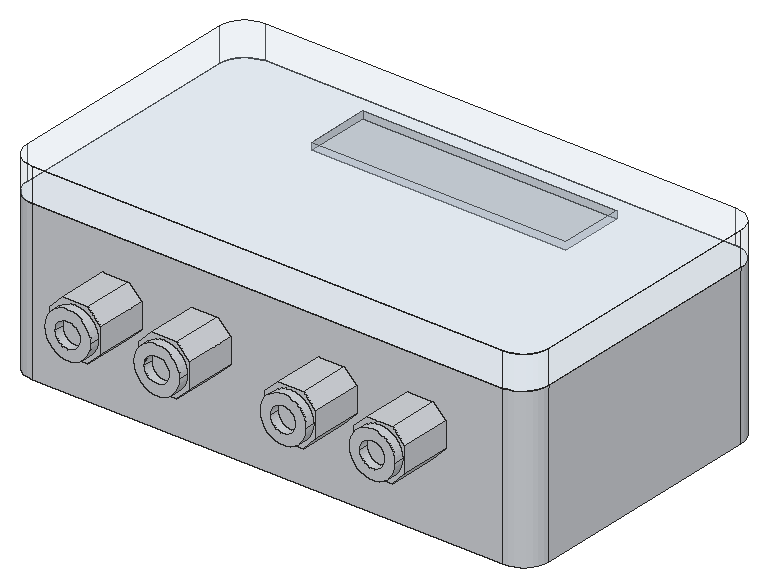
Revit family "Вычислители_тепловой_энергии_R19", category Обобщенные модели, Revit 2019
Family settings
  Может служить основой для арматурных стержней = Нет
  Размер круглого соединителя = Использовать диаметр
  Тип детали = Нормальный
  На основе рабочей плоскости = Нет
  Всегда вертикально = Да
  При загрузке вырезать с полостями = Нет
  Общий = Нет
  Точка расчета площади = Нет
Parameters
  Ширина = 114.465 mm
  Температура окружающей среды = "от -10 до +50 °С"
  Поддерживаемые типы термосопротивлений (по заказу) = "PT100(100П) / PT500(500П) / PT1000"
  Поддерживаемые типы входного сигнала от датчиков давления = "по току, от 4 до 20 мА / по напряжению, от 0,4 до 2 В"
  Относительная влажность воздуха = "не более 95%"
  Напряжение питания = "от встроенного элемента питания 3,6 В / от внешнего источника питания от 8 до 26 В"
  Масса = "не более 1 кг"
  Количество подключаемых датчиков температуры = "6"
  Количество подключаемых датчиков расхода = "6"
  Количество подключаемых датчиков давления = "6"
  Количество контролируемых тепловых систем = "2"
  Количество дополнительных импульсных входов = "3"
  Длина = 205 mm
  Диапазон показаний тепловой энергии, ГДж (Гкал) = "от 0 до 999999999,999"
  Детальное описание = "Предназначен для измерений и преобразований выходных аналоговых и цифровых сигналов с последующим вычислением и индикацией тепловой энергии/энергии охлаждения, объемного расхода, объема, массового расхода, массы, температуры, разности температур, давления теплоносителя, а также измерения текущего времени."
  Горизонтальные = no
  Высота = 75 mm
  Атмосферное давление, кПа = "84 … 106,7 кПа"
  bt_Примечание [instance] = ""
  bt_Позиция [instance] = 0
  bt_Обозначение = ""
  bt_Наименование = ""
  bt_Масса = 0
  bt_Марка = ""
  bt_ИС_КодОборудования = ""
  bt_ИС_ЗаводИзготовитель = "Пульсар"
  bt_ЕдиницыИзмерения = "шт."
Reference planes
  plane 1 "По центру (Вперед/Назад)": y = 0
  plane 2: z = 0
  plane 3 "По центру (Влево/Вправо)": x = 0
  plane 4: y = 57.233
  plane 5: y = -57.233
  plane 6: x = -102.5
  plane 7: x = 102.5
  plane 8: z = 75
  plane 9: x = -14.652
  plane 10: x = 15
  plane 11: x = 35
  plane 12: x = -34.652
  plane 13: x = 50
  plane 14: x = 70
  plane 15: x = -49.652
  plane 16: x = -69.652
  plane 17: z = 37.5
  plane 18: z = 27.5
  plane 19: z = 47.5
  plane 20: z = 61.765
Forms (mm)
  Extrusion 1, solid
    sketch origin (0, 0, 0) x (1, 0, 0) y (0, 1, 0)
      loop
        arc (-92.5, 57.233) -> (-99.571, 54.304) -> (-102.5, 47.233) r 10
        line (-102.5, 47.233) -> (-102.5, -47.233)
        arc (-102.5, -47.233) -> (-99.571, -54.304) -> (-92.5, -57.233) r 10
        line (-92.5, -57.233) -> (92.5, -57.233)
        arc (92.5, -57.233) -> (99.571, -54.304) -> (102.5, -47.233) r 10
        line (102.5, -47.233) -> (102.5, 47.233)
        arc (102.5, 47.233) -> (99.571, 54.304) -> (92.5, 57.233) r 10
        line (92.5, 57.233) -> (-92.5, 57.233)
    from 0 to 61.765
  Extrusion 2, solid
    sketch origin (0, 0, 0) x (1, 0, 0) y (0, 0, 1)
      loop
        line (-54.652, 47.5) -> (-64.652, 47.5) -> (-69.652, 42.5) -> (-69.652, 32.5) -> (-64.652, 27.5) -> (-54.652, 27.5) -> (-49.652, 32.5) -> (-49.652, 42.5) -> (-54.652, 47.5)
    from 57.233 to 77.268
  Extrusion 3, solid
    sketch origin (35, 0, 0) x (1, 0, 0) y (0, 0, 1)
      loop
        line (-54.652, 47.5) -> (-64.652, 47.5) -> (-69.652, 42.5) -> (-69.652, 32.5) -> (-64.652, 27.5) -> (-54.652, 27.5) -> (-49.652, 32.5) -> (-49.652, 42.5) -> (-54.652, 47.5)
    from 57.233 to 77.268
  Extrusion 4, solid
    sketch origin (84.652, 0, 0) x (1, 0, 0) y (0, 0, 1)
      loop
        line (-54.652, 47.5) -> (-64.652, 47.5) -> (-69.652, 42.5) -> (-69.652, 32.5) -> (-64.652, 27.5) -> (-54.652, 27.5) -> (-49.652, 32.5) -> (-49.652, 42.5) -> (-54.652, 47.5)
    from 57.233 to 77.268
  Extrusion 5, solid
    sketch origin (119.652, 0, 0) x (1, 0, 0) y (0, 0, 1)
      loop
        line (-54.652, 47.5) -> (-64.652, 47.5) -> (-69.652, 42.5) -> (-69.652, 32.5) -> (-64.652, 27.5) -> (-54.652, 27.5) -> (-49.652, 32.5) -> (-49.652, 42.5) -> (-54.652, 47.5)
    from 57.233 to 77.268
  Extrusion 6, solid
    sketch origin (0, 0, 0) x (1, 0, 0) y (0, 0, 1)
      loop
        circle (-59.652, 37.5) r 9
      loop
        circle (-59.652, 37.5) r 5
    from 77.268 to 80.849
  Extrusion 7, solid
    sketch origin (35, 0, 0) x (1, 0, 0) y (0, 0, 1)
      loop
        circle (-59.652, 37.5) r 9
      loop
        circle (-59.652, 37.5) r 5
    from 77.268 to 80.849
  Extrusion 8, solid
    sketch origin (84.652, 0, 0) x (1, 0, 0) y (0, 0, 1)
      loop
        circle (-59.652, 37.5) r 9
      loop
        circle (-59.652, 37.5) r 5
    from 77.268 to 80.849
  Extrusion 9, solid
    sketch origin (119.652, 0, 0) x (1, 0, 0) y (0, 0, 1)
      loop
        circle (-59.652, 37.5) r 9
      loop
        circle (-59.652, 37.5) r 5
    from 77.268 to 80.849
  Extrusion 10, solid, material "Пластмасса прозрачный"
    sketch origin (0, 0, 61.765) x (1, 0, 0) y (0, 1, 0)
      loop
        arc (-92.5, 57.233) -> (-99.571, 54.304) -> (-102.5, 47.233) r 10
        line (-102.5, 47.233) -> (-102.5, -47.233)
        arc (-102.5, -47.233) -> (-99.571, -54.304) -> (-92.5, -57.233) r 10
        line (-92.5, -57.233) -> (92.5, -57.233)
        arc (92.5, -57.233) -> (99.571, -54.304) -> (102.5, -47.233) r 10
        line (102.5, -47.233) -> (102.5, 47.233)
        arc (102.5, 47.233) -> (99.571, 54.304) -> (92.5, 57.233) r 10
        line (92.5, 57.233) -> (-92.5, 57.233)
    from 0 to 13.235
  Extrusion 11, void
    sketch origin (0, 0, 0) x (1, 0, 0) y (0, 1, 0)
      loop
        line (-49.652, 51.466) -> (-49.652, 26.468) -> (50, 26.468) -> (50, 51.466) -> (-49.652, 51.466)
    from 58.987 to 61.765
Cuts and joins
  Extrusion 11 cuts Extrusion 1
  Extrusion 11 cuts Extrusion 10
Dimensions and locks
  equal spacing: plane 4, plane 1 "По центру (Вперед/Назад)", plane 5
  "Ширина": plane 4 to plane 5
  equal spacing: plane 6, plane 3 "По центру (Влево/Вправо)", plane 7
  "Длина": plane 6 to plane 7
  "Высота": plane 8 to level
  aligned and locked: level to plane 2
  aligned and locked: plane 4 to Extrusion 1
  aligned and locked: plane 7 to Extrusion 1
  aligned and locked: Extrusion 1 to plane 5
  aligned and locked: Extrusion 1 to plane 6
  aligned and locked: plane 5 to Extrusion 2
  aligned and locked: plane 8 to Extrusion 10
  aligned and locked: plane 5 to Extrusion 3
  aligned and locked: plane 5 to Extrusion 4
  aligned and locked: plane 5 to Extrusion 5
Automatic sketch dimensions
  Extrusion 1 sketch curve to plane 6 = 0 mm
  plane 5 to Extrusion 1 sketch curve = 0 mm
  Extrusion 1 sketch curve to plane 4 = 0 mm
  Extrusion 1 sketch curve to plane 7 = 0 mm
  plane 6 to Extrusion 1 sketch curve = 10 mm
  Extrusion 1 sketch curve to plane 4 = 10 mm  (x2)
  Extrusion 1 sketch curve to plane 7 = 10 mm
  plane 16 to Extrusion 2 sketch curve = 0 mm
  Extrusion 2 sketch curve to plane 19 = 0 mm
  Extrusion 2 sketch curve to plane 18 = 0 mm
  Extrusion 2 sketch curve to plane 15 = 0 mm
  Extrusion 2 sketch curve to plane 16 = 5 mm  (x2)
  Extrusion 2 sketch curve to plane 15 = 5 mm  (x2)
  Extrusion 2 sketch curve to plane 17 = 5 mm  (x2)
  plane 17 to Extrusion 2 sketch curve = 5 mm  (x2)
  Extrusion 3 sketch curve to plane 12 = 0 mm
  Extrusion 3 sketch curve to plane 19 = 0 mm
  Extrusion 3 sketch curve to plane 18 = 0 mm
  Extrusion 3 sketch curve to plane 9 = 0 mm
  plane 12 to Extrusion 3 sketch curve = 5 mm  (x2)
  Extrusion 3 sketch curve to plane 9 = 5 mm  (x2)
  Extrusion 3 sketch curve to plane 17 = 5 mm  (x2)
  plane 17 to Extrusion 3 sketch curve = 5 mm  (x2)
  Extrusion 4 sketch curve to plane 10 = 0 mm
  Extrusion 4 sketch curve to plane 19 = 0 mm
  Extrusion 4 sketch curve to plane 18 = 0 mm
  Extrusion 4 sketch curve to plane 11 = 0 mm
  plane 10 to Extrusion 4 sketch curve = 5 mm  (x2)
  Extrusion 4 sketch curve to plane 11 = 5 mm  (x2)
  Extrusion 4 sketch curve to plane 17 = 5 mm  (x2)
  plane 17 to Extrusion 4 sketch curve = 5 mm  (x2)
  Extrusion 5 sketch curve to plane 13 = 0 mm
  Extrusion 5 sketch curve to plane 19 = 0 mm
  Extrusion 5 sketch curve to plane 18 = 0 mm
  Extrusion 5 sketch curve to plane 14 = 0 mm
  plane 13 to Extrusion 5 sketch curve = 5 mm  (x2)
  Extrusion 5 sketch curve to plane 14 = 5 mm  (x2)
  Extrusion 5 sketch curve to plane 17 = 5 mm  (x2)
  plane 17 to Extrusion 5 sketch curve = 5 mm  (x2)
  Extrusion 6 sketch curve to Extrusion 6 sketch curve = 0 mm  (x2)
  Extrusion 6 sketch curve to plane 17 = 0 mm
  Extrusion 6 sketch curve to plane 15 = 10 mm
  Extrusion 7 sketch curve to Extrusion 7 sketch curve = 0 mm  (x2)
  Extrusion 7 sketch curve to plane 17 = 0 mm
  Extrusion 7 sketch curve to plane 9 = 10 mm
  Extrusion 8 sketch curve to Extrusion 8 sketch curve = 0 mm  (x2)
  Extrusion 8 sketch curve to plane 17 = 0 mm
  plane 10 to Extrusion 8 sketch curve = 10 mm
  Extrusion 9 sketch curve to Extrusion 9 sketch curve = 0 mm  (x2)
  Extrusion 9 sketch curve to plane 17 = 0 mm
  plane 13 to Extrusion 9 sketch curve = 10 mm
  Extrusion 10 sketch curve to plane 6 = 0 mm
  Extrusion 10 sketch curve to plane 5 = 0 mm
  Extrusion 10 sketch curve to plane 4 = 0 mm
  Extrusion 10 sketch curve to plane 7 = 0 mm
  plane 6 to Extrusion 10 sketch curve = 10 mm
  Extrusion 10 sketch curve to plane 4 = 10 mm  (x2)
  Extrusion 10 sketch curve to plane 7 = 10 mm
  Extrusion 11 sketch curve to plane 15 = 0 mm
  Extrusion 11 sketch curve to plane 13 = 0 mm
  Extrusion 11 sketch curve to plane 1 "По центру (Вперед/Назад)" = 26.468 mm
  Extrusion 11 sketch curve to plane 4 = 5.766 mm
  radius of Extrusion 6 sketch curve = 9 mm
  radius of Extrusion 6 sketch curve = 5 mm
  radius of Extrusion 7 sketch curve = 9 mm
  radius of Extrusion 7 sketch curve = 5 mm
  radius of Extrusion 8 sketch curve = 9 mm
  radius of Extrusion 8 sketch curve = 5 mm
  radius of Extrusion 9 sketch curve = 9 mm
  radius of Extrusion 9 sketch curve = 5 mm
Connectors
  electrical at (0, 0, 61.765)
    settings: on cut or joined group of Extrusion 10, Extrusion 11, index 1, voltage 0 V, apparent load 0 VA, apparent load phase1 0 VA, apparent load phase2 0 VA, apparent load phase3 0 VA, power factor 1, load classification "Прочее", number of poles 1, system type 31, power factor state 1, is connector primary yes, connector utility no, sub classification motor no, connector description ""
